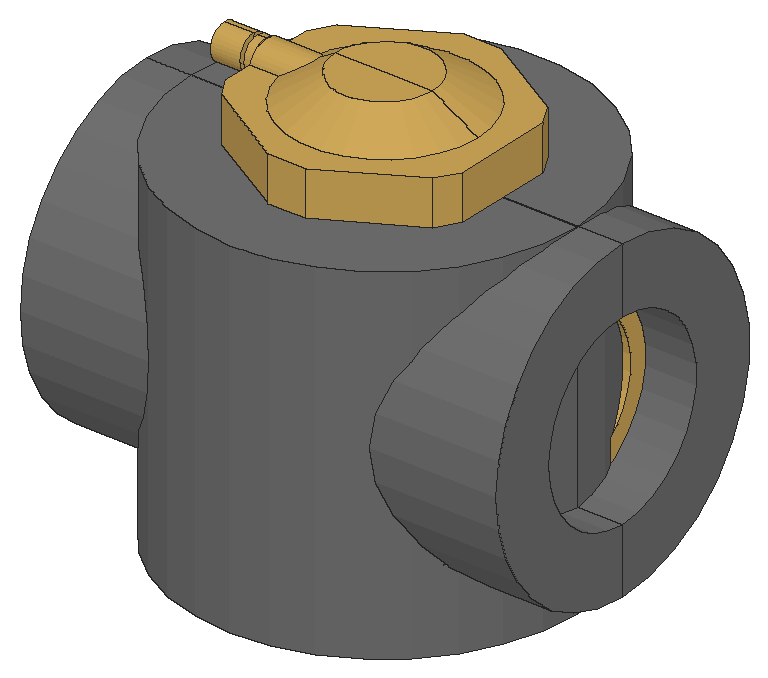
Revit family "Differenzdruckregler 4202 FIX 23kPa", category Rohrzubehör, Revit 2021
Family settings
  Bemaßung runder Anschluss = Durchmesser verwenden
  Teiletyp = Unterbricht
  OmniClass-Nummer = 23.65.55.14
  OmniClass-Titel = Valves for Liquid Services
  Arbeitsebenenbasiert = Nein
  Immer vertikal = Ja
  Beim Laden mit Abzugskörper schneiden = Nein
  Gemeinsam genutzt = Nein
Parameters (values of type "Mit Dämmung")
  y2 [instance] = K14 + K9 + H01  # 76.149 mm
  y1 [instance] = (R03 * 2) + R05  # 140.000 mm
  Vorgabe-Ansicht = 0.000 mm
  Min. Betriebstemperatur (Frostschutz) = -20 °C  # constant formula
  Max. zulässige Betriebstemperatur bis DN32 = 130 °C  # constant formula
  Max. zulässige Betriebstemperatur DN40 - DN50 = 110 °C  # constant formula
  Max. Differenzdruck am Gehäuse = 400000.0 Pa  # constant formula
  Max. Betriebsdruck = 2500000.0 Pa  # constant formula
  Ventilschaft = "Edelstahl 14301"  # constant formula
  URL = "www.herz-armaturen.at"
  SCRNSEQ = "ARM;ARM_TYP=\"DIFR\";2"
  SCRNCODE = "05;03;4"  # constant formula
  S06 [instance] = 1.000 mm  # constant formula
  S05 [instance] = S01 - 1.000 mm  # 27.500 mm
  S04 [instance] = S02 - 1.000 mm  # 27.000 mm
  S03 [instance] = size_lookup("4202_FIX_23", "S03", 26.500 mm, Nennweite)  # 37.700 mm
  S02 [instance] = size_lookup("4202_FIX_23", "S02", 19.000 mm, Nennweite)  # 28.000 mm
  S01 [instance] = size_lookup("4202_FIX_23", "S01", 17.250 mm, Nennweite)  # 28.500 mm
  Regleranschlussmutter = "Messing CW614N"  # constant formula
  Regelbereich = "FIX 23kPa"  # constant formula
  R06 [instance] = size_lookup("4202_FIX_23", "R06", 14.500 mm, Nennweite)  # 14.500 mm
  R05 [instance] = size_lookup("4202_FIX_23", "R05", 46.000 mm, Nennweite)  # 106.000 mm
  R04 [instance] = size_lookup("4202_FIX_23", "R04", 12.500 mm, Nennweite)  # 14.500 mm
  R03 [instance] = size_lookup("4202_FIX_23", "R03", 10.000 mm, Nennweite)  # 17.000 mm
  R02 = 14.500 mm  # constant formula
  R01 [instance] = size_lookup("4202_FIX_23", "R01", 12.500 mm, Nennweite)  # 33.500 mm
  Min. Betriebstemperatur (reines Wasser) = 2 °C  # constant formula
  O-Ringe = "EPDM"  # constant formula
  Nennweite [instance] = 50.000 mm
  Membrangehäuse = "Messing CW602N"  # constant formula
  Membrane = "EPDM"  # constant formula
  Medium = "Wasserbeschaffenheit nach ÖNORM H 5195 und VDI 2035\r\nDie Verwendung von Ethylen- und Propylenglykol ist im\r\nMischungsverhältnis 25 - 50 Vol.-% zulässig."
  L2 [instance] = size_lookup("4202_FIX_23", "L2", 161.000 mm, Nennweite)  # 216.500 mm
  L [instance] = size_lookup("4202_FIX_23", "L", 66.000 mm, Nennweite)  # 140.000 mm
  K9 = 4.000 mm  # constant formula
  K8 = 55.000 mm  # constant formula
  K7 = 8.700 mm  # constant formula
  K6 = 11.700 mm  # constant formula
  K5 = 13.000 mm  # constant formula
  K4 = 12.000 mm  # constant formula
  K3 = 15.000 mm  # constant formula
  K2 = 2.350 mm  # constant formula
  K18 = 89.000 mm  # constant formula
  K17 = 66.700 mm  # constant formula
  K16 = 3.000 mm  # constant formula
  K15 = 26.649 mm  # constant formula
  K14 = 16.649 mm  # constant formula
  K13 = 16.649 mm  # constant formula
  K12 = 10.000 mm  # constant formula
  K11 = 35.000 mm  # constant formula
  K10 = 18.250 mm  # constant formula
  K1.1 = 2.350 mm  # constant formula
  K1 = 7.651 mm  # constant formula
  J9 = 15.700 mm  # constant formula
  J8 = 7.850 mm  # constant formula
  J7 = 15.897 mm  # constant formula
  J6 = 3.900 mm  # constant formula
  J5 = 6.500 mm  # constant formula
  J4 = 1.500 mm  # constant formula
  J3 = 3.200 mm  # constant formula
  J2 = 11.000 mm  # constant formula
  J11 = 3.500 mm  # constant formula
  J10 = 18.897 mm  # constant formula
  J1 = 6.500 mm  # constant formula
  Hersteller = "HERZ-Armaturen Ges.m.b.H"  # constant formula
  H2 [instance] = size_lookup("4202_FIX_23", "H2", 28.000 mm, Nennweite)  # 58.000 mm
  H1 [instance] = K1 + K2 + K3 + K4 + K5 + K7 + K8 + K16 + 16.650 mm  # 133.351 mm
  H04 = 4.000 mm  # constant formula
  H03 = 9.800 mm  # constant formula
  H02 [instance] = size_lookup("4202_FIX_23", "H02", 53.000 mm, Nennweite)  # 107.000 mm
  H01 [instance] = size_lookup("4202_FIX_23", "H01", 25.000 mm, Nennweite)  # 55.500 mm
  Gehäuse = "DZR Messing CC770S"  # constant formula
  G03 [instance] = size_lookup("4202_FIX_23", "G03", 13.200 mm, Nennweite)  # 23.400 mm
  G02 [instance] = size_lookup("4202_FIX_23", "G02", 9.500 mm, Nennweite)  # 28.325 mm
  G01 [instance] = size_lookup("4202_FIX_23", "G01", 13.500 mm, Nennweite)  # 35.000 mm
  Hinweise zum Material = "Gemäß Art 33 der REACH-Verordnung (EG Nr. 1907/2006) sind wir verpflichtet, darauf hinzuweisen,\r\ndass der Stoff Blei auf der SVHC-Liste geführt wird und dass alle aus Messing bestehenden Bauteile,\r\ndie in unseren Erzeugnissen verarbeitet sind, mehr als 0,1 % (w/w) Blei (CAS: 7439-92-1 / EINECS:\r\n231-100-4) enthalten. Da Blei als Legierungsbestandteil fest gebunden ist, sind keine Expositionen zu\r\nerwarten und daher sind keine zusätzlichen Angaben zur sicheren Verwendung notwendig.\r\n\r\nIm Hanf enthaltenes Ammoniak schädigt\r\nMessingventilgehäuse, EPDM Dichtungen werden durch\r\nMineralöle bzw. mineralölhaltige Schmierstoffe aufgequollen\r\nund führen somit zum Ausfall der EPDM-Dichtungen. Für\r\nFrost- und Korrosionsschutzmittel auf der Basis von Ethylen- und Propylenglykol sind die entsprechenden\r\nAngaben den Unterlagen des Herstellers zu entnehmen."
  Dämmung = yes
  Dämmschale = "EPP (expandiertes Polypropylen)"  # constant formula
  Druckfeder = "Federstahl, rost-und säurebeständig"  # constant formula
  DN50 [instance] = Nennweite = 50.000 mm  # yes
  DN40 [instance] = Nennweite = 40.000 mm  # no
  DN32-40 [instance] = or(Nennweite = 32.000 mm, Nennweite = 40.000 mm)  # no
  DN32 [instance] = Nennweite = 32.000 mm  # no
  DN25,32,40 [instance] = or(Nennweite = 25.000 mm, Nennweite = 32.000 mm, Nennweite = 40.000 mm)  # no
  DN25 [instance] = Nennweite = 25.000 mm  # no
  DN20 [instance] = Nennweite = 20.000 mm  # no
  DN15-25 [instance] = or(Nennweite = 15.000 mm, Nennweite = 20.000 mm, Nennweite = 25.000 mm)  # no
  DN15,20,50 [instance] = or(Nennweite = 15.000 mm, Nennweite = 20.000 mm, Nennweite = 50.000 mm)  # yes
  DN15 [instance] = Nennweite = 15.000 mm  # no
  D07 [instance] = if(Nennweite = 15.000 mm, 32.500 mm, if(Nennweite = 20.000 mm, 33.500 mm, if(Nennweite = 25.000 mm, 33.500 mm, if(Nennweite = 32.000 mm, 49.500 mm, if(Nennweite = 40.000 mm, 59.500 mm, if(Nennweite = 50.000 mm, 59.500 mm, 0.000 mm))))))  # 59.500 mm
  D06 [instance] = if(Nennweite = 15.000 mm, 32.500 mm, if(Nennweite = 20.000 mm, 33.500 mm, if(Nennweite = 25.000 mm, 33.500 mm, if(Nennweite = 32.000 mm, 49.500 mm, if(Nennweite = 40.000 mm, 59.500 mm, if(Nennweite = 50.000 mm, 59.500 mm, 0.000 mm))))))  # 59.500 mm
  D05 [instance] = if(Nennweite = 15.000 mm, 36.750 mm, if(Nennweite = 20.000 mm, 40.700 mm, if(Nennweite = 25.000 mm, 49.200 mm, if(Nennweite = 32.000 mm, 54.150 mm, if(Nennweite = 40.000 mm, 60.750 mm, if(Nennweite = 50.000 mm, 72.700 mm, 0.000 mm))))))  # 72.700 mm
  D04 [instance] = if(Nennweite = 15.000 mm, 78.500 mm, if(Nennweite = 20.000 mm, 82.000 mm, if(Nennweite = 25.000 mm, 84.000 mm, if(Nennweite = 32.000 mm, 120.000 mm, if(Nennweite = 40.000 mm, 130.000 mm, if(Nennweite = 50.000 mm, 130.500 mm, 0.000 mm))))))  # 130.500 mm
  D03 [instance] = if(Nennweite = 15.000 mm, 96.000 mm, if(Nennweite = 20.000 mm, 110.000 mm, if(Nennweite = 25.000 mm, 112.000 mm, if(Nennweite = 32.000 mm, 152.000 mm, if(Nennweite = 40.000 mm, 170.000 mm, if(Nennweite = 50.000 mm, 179.000 mm, 0.000 mm))))))  # 179.000 mm
  D02 [instance] = size_lookup("4202_FIX_23", "R05", 41.000 mm, Nennweite)  # 106.000 mm
  D01 [instance] = size_lookup("4202_FIX_23", "G01", 13.220 mm, Nennweite)  # 35.000 mm
  Bestellnummer Dämmung [instance] = if(and(Dämmung, Nennweite = 15.000 mm), 1409611, if(and(Dämmung, Nennweite = 20.000 mm), 1409612, if(and(Dämmung, Nennweite = 25.000 mm), 1409613, if(and(Dämmung, Nennweite = 32.000 mm), 1409614, if(and(Dämmung, Nennweite = 40.000 mm), 1409615, if(and(Dämmung, Nennweite = 50.000 mm), 1409616, 0))))))  # 1409616
  Bestellnummer [instance] = if(Nennweite = 15.000 mm, 1420221, if(Nennweite = 20.000 mm, 1420222, if(Nennweite = 25.000 mm, 1420223, if(Nennweite = 32.000 mm, 1420224, if(Nennweite = 40.000 mm, 1420225, if(Nennweite = 50.000 mm, 1420226, 0))))))  # 1420226
  B2 [instance] = size_lookup("4202_FIX_23", "B2", 31.000 mm, Nennweite)  # 41.000 mm
  B1 [instance] = size_lookup("4202_FIX_23", "B1", 26.000 mm, Nennweite)  # 41.000 mm
  B04 = 100.649 mm  # constant formula
  B03 = 44.500 mm  # constant formula
  B02 = 104.688 mm  # constant formula
  B01 = 10.000 mm  # constant formula
  Anwendungsgebiet = "Der Differenzdruckregler ist ein Regler mit linearer Kennlinie in Geradsitzausführung und arbeitet ohne Hilfsenergie. Der Differenzdruck-Sollwert beträgt 23 kPa, 50 kPa bzw 13 kPa. Im Lieferumfang enthalten ist die Impulsleitung (1000 mm), diese ist mit einem Strangregulierventil im Vorlauf zu verbinden."
  Anschlussnippel = "Messing CW602N"  # constant formula
Types (3, lengths in mm): name | y2 | y1 | S05 | S04 | S03 | S02 | S01 | R05 | R04 | R03 | R01 | Nennweite | L2 | L | H2 | H02 | H01 | G03 | G02 | G01 | Dämmung | DN50 | DN15-25 | DN15 | D07 | D06 | D05 | D04 | D03 | D02 | D01 | Bestellnummer Dämmung | Bestellnummer | B2 | B1
  (no name) | 76.149 | 140.000 | 27.500 | 27.000 | 37.700 | 28.000 | 28.500 | 106.000 | 14.500 | 17.000 | 33.500 | 50.000 | 216.500 | 140.000 | 58.000 | 107.000 | 55.500 | 23.400 | 28.325 | 35.000 | yes | yes | no | no | 59.500 | 59.500 | 72.700 | 130.500 | 179.000 | 106.000 | 35.000 | 1409616 | 1420226 | 41.000 | 41.000
  Mit Dämmung | 76.149 | 140.000 | 27.500 | 27.000 | 37.700 | 28.000 | 28.500 | 106.000 | 14.500 | 17.000 | 33.500 | 50.000 | 216.500 | 140.000 | 58.000 | 107.000 | 55.500 | 23.400 | 28.325 | 35.000 | yes | yes | no | no | 59.500 | 59.500 | 72.700 | 130.500 | 179.000 | 106.000 | 35.000 | 1409616 | 1420226 | 41.000 | 41.000
  Ohne Dämmung | 49.149 | 66.000 | 16.250 | 18.000 | 25.600 | 19.000 | 17.250 | 46.000 | 12.500 | 10.000 | 12.500 | 15.000 | 161.000 | 66.000 | 28.000 | 53.000 | 28.500 | 13.200 | 9.500 | 13.500 | no | no | yes | yes | 32.500 | 32.500 | 36.750 | 78.500 | 96.000 | 46.000 | 13.500 | 0 | 1420221 | 31.000 | 26.000
Reference planes
  plane 1 "Mitte (Vorne/hinten)": y = 0
  plane 2: z = 0
  plane 3 "Mitte (Links/rechts)": x = 0
Forms (mm)
  Revolve 1, solid, material "Messing, weicher Gelbton, geschweißt", detail levels fine
    sketch origin (0, 0, 0) x (1, 0, 0) y (0, 0, 1)
      loop
        line (-46.6, 0) -> (46.6, 0) -> (46.6, 28.325) -> (70, 28.325) -> (70, 35) -> (53, 35) -> (53, 33.5) -> (-53, 33.5) -> (-53, 35) -> (-70, 35) -> (-70, 28.325) -> (-46.6, 28.325) -> (-46.6, 0)
      axis (-70, 0) -> (70, 0)
    angle from 0 to 360
  Revolve 2, solid, material "Messing, weicher Gelbton, geschweißt", detail levels fine
    sketch origin (0, 0, 0) x (1, 0, 0) y (0, 0, 1)
      loop
        line (0, -58) -> (0, 0) -> (-27, 0) -> (-27, -48.2) -> (-28, -48.2) -> (-28, -58) -> (0, -58)
      axis (0, 0) -> (0, -58)
    angle from 0 to 360
  Extrusion 3, solid, material "Messing, weicher Gelbton, geschweißt", detail levels fine
    sketch origin (0, 0, 0) x (0, -1, 0) y (1, 0, 0)
      loop
        line (-46, -7.038) -> (-27.114, -39.75) -> (-18.886, -44.5) -> (18.886, -44.5) -> (27.114, -39.75) -> (46, -7.038) -> (46, 7.038) -> (27.114, 39.75) -> (18.886, 44.5) -> (-18.886, 44.5) -> (-27.114, 39.75) -> (-46, 7.038) -> (-46, -7.038)
    from 59.5 to 76.149
  Revolve 4, solid, material "Messing, weicher Gelbton, geschweißt", detail levels fine
    sketch origin (0, 0, -7.051) x (1, 0, 0) y (0, 0, 1)
      loop
        line (0, 83.2) -> (0, 93.2) -> (-18.25, 93.2) -> (-35, 83.2) -> (0, 83.2)
      axis (0, 93.2) -> (0, 83.2)
    angle from 0 to 360
  Revolve 5, solid, material "Messing, weicher Gelbton, geschweißt", visible <- "DN15-25", detail levels fine
    sketch origin (-11, 0, 0) x (1, 0, 0) y (0, 1, 0)
      loop
        line (-3.5, 41) -> (-11.2, 41) -> (-11.2, 0) -> (-3.5, 0) -> (-3.5, 41)
      axis (-3.5, 0) -> (-3.5, 41)
    angle from 0 to 360
  Revolve 6, solid, material "Messing, weicher Gelbton, geschweißt", detail levels fine
    sketch origin (-0.988, 0, -6.853) x (-1, 0, 0) y (0, 0, 1)
      loop
        line (43.5, 82.25) -> (59.2, 82.25) -> (59.2, 88.75) -> (48.2, 88.75) -> (48.2, 86.15) -> (46.7, 86.15) -> (46.7, 88.75) -> (43.5, 88.75) -> (43.5, 82.25)
      axis (43.5, 82.25) -> (59.2, 82.25)
    angle from 0 to 360
  Extrusion 7, solid, material "Messing, weicher Gelbton, geschweißt", detail levels fine
    sketch origin (0, 0, 0) x (0, 1, 0) y (0, 0, -1)
      loop
        line (7.85, -74.047) -> (7.85, -63) -> (-7.85, -63) -> (-7.85, -74.047)
        arc (-7.85, -74.047) -> (0, -81.897) -> (7.85, -74.047) r 7.85
    from 0 to 44.5
  Revolve 8, solid, material "Messing, weicher Gelbton, geschweißt", visible <- "DN15-25", detail levels fine
    sketch origin (-2, 0, 0) x (1, 0, 0) y (0, 1, 0)
      loop
        line (-12.5, 0) -> (-21.5, 0) -> (-21.5, -41) -> (-12.5, -41) -> (-12.5, 0)
      axis (-12.5, 0) -> (-12.5, -41)
    angle from 0 to 360
  Revolve 9, solid, material "Messing, weicher Gelbton, geschweißt", visible <- "DN15-25", detail levels fine
    sketch origin (2, 0, 0) x (1, 0, 0) y (0, 1, 0)
      loop
        line (12.5, 0) -> (12.5, -41) -> (21.6, -41) -> (21.6, 0) -> (12.5, 0)
      axis (12.5, 0) -> (12.5, -41)
    angle from 0 to 360
  Extrusion 10, solid, material "Messing, weicher Gelbton, geschweißt", visible <- "DN32", detail levels fine
    sketch origin (-31.5, 0, 0) x (1, 0, 0) y (0, 1, 0)
      loop
        circle (63, 0) r 6.578
      loop
        circle (63, 0) r 3.28
    from -47 to 0
  Extrusion 11, solid, material "Messing, weicher Gelbton, geschweißt", visible <- "DN32", detail levels fine
    sketch origin (31.5, 0, 0) x (-1, 0, 0) y (0, -1, 0)
      loop
        circle (63, 0) r 6.578
      loop
        circle (63, 0) r 3.28
    from -47 to 0
  Revolve 12, solid, material "Messing, weicher Gelbton, geschweißt", detail levels fine
    sketch origin (0, 0, 0) x (1, 0, 0) y (0, 0, 1)
      loop
        line (-27.5, 0) -> (0, 0) -> (0, 59.5) -> (-23.5, 59.5) -> (-23.5, 55.5) -> (-28.5, 55.5) -> (-28.5, 45.7) -> (-27.5, 45.7) -> (-27.5, 0)
      axis (0, 59.5) -> (0, 0)
    angle from 0 to 360
  Extrusion 13, solid, material "Messing, weicher Gelbton, geschweißt", visible <- "DN40", detail levels fine
    sketch origin (29.382, 0, 0) x (-1, 0, 0) y (0, -1, 0)
      loop
        circle (63, 0) r 6.578
      loop
        circle (63, 0) r 3.28
    from -58 to 0
  Extrusion 14, solid, material "Messing, weicher Gelbton, geschweißt", visible <- "DN40", detail levels fine
    sketch origin (-29.455, 0, 0) x (1, 0, 0) y (0, 1, 0)
      loop
        circle (63, 0) r 6.578
      loop
        circle (63, 0) r 3.28
    from -58 to 0
  Extrusion 15, solid, material "Messing, weicher Gelbton, geschweißt", visible <- "DN50", detail levels fine
    sketch origin (28.422, 0, 0) x (-1, 0, 0) y (0, -1, 0)
      loop
        circle (63, 0) r 6.578
      loop
        circle (63, 0) r 3.28
    from -58 to 0
  Extrusion 16, solid, material "Messing, weicher Gelbton, geschweißt", visible <- "DN50", detail levels fine
    sketch origin (-28.422, 0, 0) x (1, 0, 0) y (0, 1, 0)
      loop
        circle (63, 0) r 6.578
      loop
        circle (63, 0) r 3.28
    from -58 to 0
  Revolve 17, solid, material "Messing, weicher Gelbton, geschweißt", visible <- "DN32-40", detail levels fine
    sketch origin (-11, 0, 0) x (1, 0, 0) y (0, 1, 0)
      loop
        line (-3.5, -41) -> (-3.5, 0) -> (-11.2, 0) -> (-11.2, -41) -> (-3.5, -41)
      axis (-3.5, 0) -> (-3.5, -41)
    angle from 0 to 360
  Revolve 18, solid, material "Kunststoff-Anthrazit/Schwarz", visible <- "Dämmung"
    sketch origin (0, 0, 0) x (1, 0, 0) y (0, 0, 1)
      loop
        line (0, -71) -> (72.7, -71) -> (72.7, 59.5) -> (0, 59.5) -> (0, -71)
      axis (0, 59.5) -> (0, -71)
    angle from 0 to 360
  Revolve 19, solid, material "Kunststoff-Anthrazit/Schwarz", visible <- "Dämmung"
    sketch origin (0, 0, 0) x (1, 0, 0) y (0, 0, 1)
      loop
        line (-89.5, 59.5) -> (-89.5, 35) -> (-53, 35) -> (-53, 0) -> (0, 0) -> (53, 0) -> (53, 35) -> (89.5, 35) -> (89.5, 59.5) -> (-89.5, 59.5)
      axis (-89.5, 0) -> (89.5, 0)
    angle from 0 to 360
Lines and regions (mm)
  model lines, detail levels coarse+medium
    curve 1: line (70, -35, 0) -> (70, 35, 0)
    curve 2: line (70, 35, 0) -> (-70, -35, 0)
    curve 3: line (-70, -35, 0) -> (-70, 35, 0)
    curve 4: line (-70, 35, 0) -> (70, -35, 0)
    curve 5: line (0, -45.5, 0) -> (0, -59.5, 0)
    curve 6: spline (-44.5, -67.824, 0) -> (-42.984, -65.67, 0) -> (-38.538, -63.662, 0) -> (-31.466, -61.938, 0) -> (-22.25, -60.615, 0) -> (-11.517, -59.784, 0) -> (0, -59.5, 0) -> (11.517, -59.784, 0) -> (22.25, -60.615, 0) -> (31.466, -61.938, 0) -> (38.538, -63.662, 0) -> (42.984, -65.67, 0) -> (44.5, -67.825, 0) -> (42.984, -69.979, 0) -> (38.538, -71.987, 0) -> (31.466, -73.711, 0) -> (22.25, -75.034, 0) -> (11.517, -75.865, 0) -> (0, -76.149, 0) -> (-11.517, -75.865, 0) -> (-22.25, -75.034, 0) -> (-31.466, -73.711, 0) -> (-38.538, -71.987, 0) -> (-42.984, -69.979, 0) -> (-44.5, -67.824, 0)
    curve 7: line (0, 0, 35) -> (0, 0, 59.5)
    curve 8: spline (-44.5, 0, 67.825) -> (-42.984, 0, 69.979) -> (-38.538, 0, 71.987) -> (-31.466, 0, 73.711) -> (-22.25, 0, 75.034) -> (-11.517, 0, 75.865) -> (0, 0, 76.149) -> (11.517, 0, 75.865) -> (22.25, 0, 75.034) -> (31.466, 0, 73.711) -> (38.538, 0, 71.987) -> (42.984, 0, 69.979) -> (44.5, 0, 67.824) -> (42.984, 0, 65.67) -> (38.538, 0, 63.662) -> (31.466, 0, 61.938) -> (22.25, 0, 60.615) -> (11.517, 0, 59.784) -> (0, 0, 59.5) -> (-11.517, 0, 59.784) -> (-22.25, 0, 60.615) -> (-31.466, 0, 61.938) -> (-38.538, 0, 63.662) -> (-42.984, 0, 65.67) -> (-44.5, 0, 67.825)
    curve 9: line (0, 0, 35) -> (35, 0, 17.5)
    curve 10: line (0, 0, 35) -> (-35, 0, 17.5)
    curve 11: line (0, -45.5, 0) -> (-18.2, -9.1, 0)
    curve 12: line (0, -45.5, 0) -> (18.2, -9.1, 0)
    curve 13: line (-70, 0, 35) -> (70, 0, -35)
    curve 14: line (70, 0, -35) -> (70, 0, 35)
    curve 15: line (70, 0, 35) -> (-70, 0, -35)
    curve 16: line (-70, 0, -35) -> (-70, 0, 35)
Dimensions and locks
  "G01": Revolve 1 sketch curve to Revolve 1 sketch curve  (x2)
  "R01": Revolve 1 sketch curve to Revolve 1 sketch curve
  "R03": Revolve 1 sketch curve to Revolve 1 sketch curve  (x2)
  "K10": Revolve 4 sketch curve to Revolve 4 sketch curve
  "K11": Revolve 4 sketch curve to Revolve 4 sketch curve
  "B1": Revolve 5 sketch curve to Revolve 5 sketch curve
  "J1": Revolve 6 sketch curve to Revolve 6 sketch curve
  "J3": Revolve 6 sketch curve to Revolve 6 sketch curve
  "J4": Revolve 6 sketch curve to Revolve 6 sketch curve
  "J2": Revolve 6 sketch curve to Revolve 6 sketch curve
  "J5": Revolve 6 sketch curve to Revolve 6 sketch curve
  "J6": Revolve 6 sketch curve to Revolve 6 sketch curve
  "H2": plane 2 to Revolve 2 sketch curve
  "H03": Revolve 2 sketch curve to Revolve 2 sketch curve
  "S02": plane 3 "Mitte (Links/rechts)" to Revolve 2 sketch curve
  "B02": Revolve 6 to Extrusion 3
  "B03": Extrusion 3 to plane 3 "Mitte (Links/rechts)"
  "R04": Revolve 5 sketch curve to plane 3 "Mitte (Links/rechts)"
  "K12": Revolve 4 sketch curve to Revolve 4 sketch curve
  "K13": Revolve 4 sketch curve to Extrusion 3
  "K14": Extrusion 3 to Extrusion 3
  "R05": Revolve 1 sketch curve to Revolve 1 sketch curve
  equal spacing: Revolve 1 sketch curve, plane 3 "Mitte (Links/rechts)", Revolve 1 sketch curve
  "B2": plane 1 "Mitte (Vorne/hinten)" to Revolve 8 sketch curve
  "B2": Revolve 9 sketch curve to plane 1 "Mitte (Vorne/hinten)"
  "R06": Revolve 8 sketch curve to plane 3 "Mitte (Links/rechts)"
  "R06": plane 3 "Mitte (Links/rechts)" to Revolve 9 sketch curve
  "S01": Revolve 12 sketch curve to plane 3 "Mitte (Links/rechts)"
  "S05": plane 3 "Mitte (Links/rechts)" to Revolve 12 sketch curve
  "H04": Revolve 12 sketch curve to Revolve 12 sketch curve
  "H03": Revolve 12 sketch curve to Revolve 12 sketch curve
  "H01": Revolve 12 sketch curve to plane 2
  "K9": Extrusion 3 to Revolve 12
  "S06": Revolve 2 sketch curve to Revolve 2 sketch curve
  "J7": Revolve 6 sketch curve to Extrusion 3
  "J9": Extrusion 7 sketch curve to Extrusion 7 sketch curve
  "J10": Revolve 6 to Extrusion 7 sketch curve
  "J11": Extrusion 7 sketch curve to Extrusion 3
  "K18": Extrusion 3 to Extrusion 3
  "K18": curve 8 to curve 8
  "G01": curve 10 to plane 2
  "K14": curve 8 to curve 8
  "y2": curve 8 to plane 2
  "G01": plane 1 "Mitte (Vorne/hinten)" to curve 4
  "G01": curve 3 to plane 1 "Mitte (Vorne/hinten)"
  equal spacing: curve 3, curve 8, curve 1
  equal spacing: curve 3, curve 12, curve 1
  "y1": curve 3 to curve 1
  "G01": plane 1 "Mitte (Vorne/hinten)" to curve 2
  "G01": curve 4 to plane 1 "Mitte (Vorne/hinten)"
  "K18": curve 6 to curve 6
  "K14": curve 6 to curve 6
  "y2": curve 6 to plane 1 "Mitte (Vorne/hinten)"
  "B1": Revolve 17 sketch curve to Revolve 17 sketch curve
  "R04": Revolve 17 sketch curve to plane 3 "Mitte (Links/rechts)"
  "G02": Revolve 1 sketch curve to plane 2  (x2)
  "G03": Revolve 1 sketch curve to Revolve 1 sketch curve  (x2)
  Revolve 1 sketch curve to Revolve 1 sketch curve = 140.000 mm
  equal spacing: curve 10, plane 3 "Mitte (Links/rechts)", curve 9
  "L": curve 14 to curve 16
  equal spacing: curve 14, curve 6, curve 16
  equal spacing: curve 14, curve 9, curve 10, curve 10, curve 16
  "G01": curve 16 to plane 2
  "G01": plane 2 to curve 16
  "G01": curve 15 to plane 2
  "G01": plane 2 to curve 14
  "D06": Revolve 18 sketch curve to plane 2
  "D04": Revolve 18 sketch curve to Revolve 18 sketch curve
  "D05": Revolve 18 sketch curve to Revolve 18 sketch curve
  "D07": Revolve 19 sketch curve to plane 2
  "D01": Revolve 19 sketch curve to plane 2  (x2)
  "D02": Revolve 19 sketch curve to Revolve 19 sketch curve
  "D03": Revolve 19 sketch curve to Revolve 19 sketch curve
  equal spacing: Revolve 19 sketch curve, plane 3 "Mitte (Links/rechts)", Revolve 19 sketch curve  (x2)
  "J8": radius of Extrusion 7 sketch curve
  aligned and locked: level to plane 2
Automatic sketch dimensions
  plane 3 "Mitte (Links/rechts)" to Extrusion 3 sketch curve = 7.038 mm  (x2)
  Extrusion 3 sketch curve to plane 1 "Mitte (Vorne/hinten)" = 46.000 mm
  Extrusion 3 sketch curve to plane 1 "Mitte (Vorne/hinten)" = 27.114 mm  (x2)
  Extrusion 3 sketch curve to Extrusion 3 sketch curve = 8.227 mm  (x4)
  plane 1 "Mitte (Vorne/hinten)" to Extrusion 3 sketch curve = 18.886 mm  (x2)
  Extrusion 3 sketch curve to Extrusion 3 sketch curve = 18.886 mm
  Extrusion 3 sketch curve to plane 3 "Mitte (Links/rechts)" = 7.038 mm  (x2)
  Extrusion 3 sketch curve to Extrusion 3 sketch curve = 32.712 mm  (x4)
  Extrusion 3 sketch curve to Extrusion 3 sketch curve = 4.750 mm  (x2)
  Extrusion 10 sketch curve to Extrusion 10 sketch curve = 0.000 mm  (x2)
  plane 1 "Mitte (Vorne/hinten)" to Extrusion 10 sketch curve = 0.000 mm
  plane 3 "Mitte (Links/rechts)" to Extrusion 10 sketch curve = 31.500 mm
  Extrusion 11 sketch curve to Extrusion 11 sketch curve = 0.000 mm  (x2)
  plane 1 "Mitte (Vorne/hinten)" to Extrusion 11 sketch curve = 0.000 mm
  plane 3 "Mitte (Links/rechts)" to Extrusion 11 sketch curve = 31.500 mm
  Extrusion 13 sketch curve to Extrusion 13 sketch curve = 0.000 mm  (x2)
  plane 1 "Mitte (Vorne/hinten)" to Extrusion 13 sketch curve = 0.000 mm
  plane 3 "Mitte (Links/rechts)" to Extrusion 13 sketch curve = 33.618 mm
  Extrusion 14 sketch curve to Extrusion 14 sketch curve = 0.000 mm  (x2)
  plane 1 "Mitte (Vorne/hinten)" to Extrusion 14 sketch curve = 0.000 mm
  plane 3 "Mitte (Links/rechts)" to Extrusion 14 sketch curve = 33.545 mm
  Extrusion 15 sketch curve to Extrusion 15 sketch curve = 0.000 mm  (x2)
  plane 1 "Mitte (Vorne/hinten)" to Extrusion 15 sketch curve = 0.000 mm
  plane 3 "Mitte (Links/rechts)" to Extrusion 15 sketch curve = 34.578 mm
  Extrusion 16 sketch curve to Extrusion 16 sketch curve = 0.000 mm  (x2)
  plane 1 "Mitte (Vorne/hinten)" to Extrusion 16 sketch curve = 0.000 mm
  plane 3 "Mitte (Links/rechts)" to Extrusion 16 sketch curve = 34.578 mm
  curve 8 to plane 3 "Mitte (Links/rechts)" = 0.000 mm
  curve 11 to plane 3 "Mitte (Links/rechts)" = 0.000 mm
  curve 6 to plane 3 "Mitte (Links/rechts)" = 0.000 mm
  curve 5 to curve 12 = 14.000 mm
  Revolve 1 sketch curve to level = 0.000 mm  (x2)
  Revolve 1 sketch curve to Revolve 1 sketch curve = 1473.530 mm
  Revolve 1 sketch curve to Revolve 1 sketch curve = 1806.148 mm
  Revolve 2 sketch curve to level = 0.000 mm
  Revolve 2 sketch curve to plane 3 "Mitte (Links/rechts)" = 0.000 mm  (x2)
  Revolve 2 sketch curve to Revolve 2 sketch curve = 1.000 mm
  Revolve 2 sketch curve to Revolve 2 sketch curve = 334.045 mm
  level to Revolve 2 sketch curve = 2218.015 mm
  Revolve 4 sketch curve to plane 3 "Mitte (Links/rechts)" = 0.000 mm  (x2)
  Revolve 4 sketch curve to level = 373.096 mm
  Revolve 4 sketch curve to Revolve 4 sketch curve = 2155.315 mm
  plane 1 "Mitte (Vorne/hinten)" to Revolve 5 sketch curve = 0.000 mm  (x2)
  Revolve 5 sketch curve to Revolve 5 sketch curve = 0.000 mm  (x2)
  Revolve 5 sketch curve to Revolve 5 sketch curve = 7.700 mm
  plane 3 "Mitte (Links/rechts)" to Revolve 6 sketch curve = 44.488 mm
  Revolve 6 sketch curve to Revolve 6 sketch curve = 0.000 mm  (x3)
  Extrusion 7 sketch curve to plane 1 "Mitte (Vorne/hinten)" = 0.000 mm
  Extrusion 7 sketch curve to Extrusion 7 sketch curve = 11.047 mm
  Extrusion 7 sketch curve to Extrusion 7 sketch curve = 0.000 mm
  plane 1 "Mitte (Vorne/hinten)" to Revolve 8 sketch curve = 0.000 mm  (x2)
  Revolve 8 sketch curve to Revolve 8 sketch curve = 9.000 mm
  Revolve 8 sketch curve to Revolve 8 sketch curve = 0.000 mm  (x2)
  plane 1 "Mitte (Vorne/hinten)" to Revolve 9 sketch curve = 0.000 mm  (x2)
  Revolve 9 sketch curve to Revolve 9 sketch curve = 9.100 mm
  Revolve 9 sketch curve to Revolve 9 sketch curve = 0.000 mm  (x2)
  Revolve 12 sketch curve to level = 0.000 mm  (x2)
  Revolve 12 sketch curve to plane 3 "Mitte (Links/rechts)" = 0.000 mm  (x2)
  Revolve 12 sketch curve to Revolve 12 sketch curve = 5.000 mm
  Revolve 12 sketch curve to Revolve 12 sketch curve = 0.000 mm
  plane 1 "Mitte (Vorne/hinten)" to Revolve 17 sketch curve = 0.000 mm  (x2)
  Revolve 17 sketch curve to Revolve 17 sketch curve = 7.700 mm
  Revolve 17 sketch curve to Revolve 17 sketch curve = 0.000 mm  (x2)
  Revolve 18 sketch curve to plane 3 "Mitte (Links/rechts)" = 0.000 mm  (x2)
  Revolve 18 sketch curve to Revolve 18 sketch curve = 13.423 mm
  Revolve 18 sketch curve to Revolve 18 sketch curve = 0.000 mm
  Revolve 19 sketch curve to level = 0.000 mm  (x2)
  Revolve 19 sketch curve to plane 3 "Mitte (Links/rechts)" = 0.000 mm
  Revolve 19 sketch curve to Revolve 19 sketch curve = 0.000 mm  (x2)
  radius of Extrusion 10 sketch curve = 6.578 mm
  radius of Extrusion 10 sketch curve = 3.280 mm
  radius of Extrusion 11 sketch curve = 6.578 mm
  radius of Extrusion 11 sketch curve = 3.280 mm
  radius of Extrusion 13 sketch curve = 6.578 mm
  radius of Extrusion 13 sketch curve = 3.280 mm
  radius of Extrusion 14 sketch curve = 6.578 mm
  radius of Extrusion 14 sketch curve = 3.280 mm
  radius of Extrusion 15 sketch curve = 6.578 mm
  radius of Extrusion 15 sketch curve = 3.280 mm
  radius of Extrusion 16 sketch curve = 6.578 mm
  radius of Extrusion 16 sketch curve = 3.280 mm
Nested families
  nested 1: "Herz-Logo-vorne" at (-0.018, 17.815, -12.904) x (0, -1, 0) z (0, 0, 1), type "Herz-Logo-vorne", detail levels fine
  nested 2: "Herz-Logo-vorne" at (-0.018, 24.058, 0) x (0, -1, 0) z (0, 0, 1), visible <- "DN32", type "Herz-Logo-vorne", detail levels fine
  nested 3: "Herz-Logo-vorne" at (-0.018, 33.471, 0) x (0, -1, 0) z (0, 0, 1), visible <- "DN50", type "Herz-Logo-vorne", detail levels fine
  nested 4: "Herz-Logo-vorne" at (-0.018, 26.482, 0) x (0, -1, 0) z (0, 0, 1), visible <- "DN40", type "Herz-Logo-vorne", detail levels fine
Connectors
  piping at (70, 0, 0), diameter 50, driven by "Nennweite"
    settings: on Revolve 1, index 1, connector inside diameter 609.6 mm, connector length 0.000 mm, flow factor 0, pipe flow 0.0 L/s, pressure drop 0.0 Pa, fitting loss kfactor 0, connector angle 0.00°, fixture units 0, engagement length 0.000 mm, angle of deflection 0.00°, flow configuration 0, flow direction 2, fitting loss method 0, system type 29, joint type 0, gender type 0, connector reference index -1, connector utility 0, adjustable connector no, is connector primary yes, connector description ""
  piping at (-70, 0, 0), diameter 50, driven by "Nennweite"
    settings: on Revolve 1, index 2, connector inside diameter 609.6 mm, connector length 0.000 mm, flow factor 0, pipe flow 0.0 L/s, pressure drop 0.0 Pa, fitting loss kfactor 0, connector angle 0.00°, fixture units 0, engagement length 0.000 mm, angle of deflection 0.00°, flow configuration 0, flow direction 1, fitting loss method 0, system type 7, joint type 0, gender type 0, connector reference index -1, connector utility 0, adjustable connector no, is connector primary no, connector description ""
Definition of nested family "Herz-Logo-vorne"
  Parameters (values of type "Herz-Logo-vorne")
    Default Elevation = 0.000 mm
  Reference planes
    plane 1 "Mitte (Vorne/hinten)": y = 0
    plane 2: z = 0
    plane 3 "Mitte (Links/rechts)": x = 0
  Forms (mm)
    Extrusion 1, solid
      sketch origin (0.732, -0.018, 0.017) x (0, -1, 0) y (0, 0, 1)
        loop
          line (-0.018, -4.517) -> (4.482, -4.517) -> (4.482, 4.483) -> (-4.518, 4.483) -> (-4.518, -4.517) -> (-0.018, -4.517)
        loop
          line (-0.05, -3.48) -> (3.482, -3.48) -> (3.482, 3.483) -> (-3.518, 3.483) -> (-3.518, -3.48) -> (-0.05, -3.48)
        loop
          arc (-0.018, 2.383) -> (-1.543, 3.287) -> (-3.067, 2.383) r 1.738
          arc (-3.067, 2.383) -> (-3.191, 1.899) -> (-3.067, 1.415) r 1.009
          line (-3.067, 1.415) -> (-0.018, -3.281) -> (3.032, 1.415)
          arc (3.032, 1.415) -> (3.156, 1.899) -> (3.032, 2.383) r 1.009
          arc (3.032, 2.383) -> (1.507, 3.287) -> (-0.018, 2.383) r 1.738
        loop
          arc (1.885, 1.272) -> (2.005, 1.675) -> (1.885, 2.079) r 0.74
          arc (1.885, 2.079) -> (1.265, 2.416) -> (0.644, 2.079) r 0.74
          line (0.644, 2.079) -> (-0.018, 0.97) -> (-0.679, 2.079)
          arc (-0.679, 2.079) -> (-1.3, 2.416) -> (-1.921, 2.079) r 0.74
          arc (-1.921, 2.079) -> (-2.04, 1.675) -> (-1.921, 1.272) r 0.74
          line (-1.921, 1.272) -> (-0.018, -1.658) -> (1.885, 1.272)
      from 0 to 1.5
  Dimensions and locks
    aligned and locked: level to plane 2
